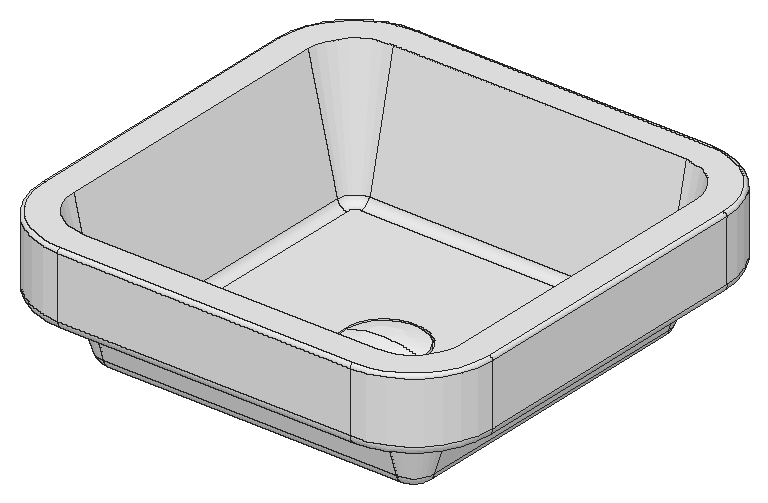
Revit family "Reece_Basin_Roca_The Gap_Semi Inset Basin_400 mm", category Plumbing Fixtures, host Face, Revit 2018
Family settings
  Host = Face
  Round Connector Dimension = Use Diameter
  Part Type = Normal
  Cut with Voids When Loaded = No
  Shared = Yes
  Room Calculation Point = Yes
Parameters (values of type "No Taphole_Vitreous China")
  WFU = 0  # constant formula
  URL = "https://www.reece.com.au/product/-9506763"
  Type Comments = "Basin"
  Reece_Product_Web Page = "https://www.reece.com.au/product/-9506763"
  Reece_Product_Type = "Basin"  # constant formula
  Reece_Product_Sub Brand = "The Gap"  # constant formula
  Reece_Product_Number = "9506763"
  Reece_Product_Mount = "Semi Inset"
  Reece_Product_Description = "Roca The Gap Semi Inset Basin 400mm x 400mm No Taphole White"
  Reece_Product_Brand = "Roca"  # constant formula
  Reece_Overall_Width = 400 mm  # constant formula
  Reece_Overall_Length = 400 mm  # constant formula
  Reece_Overall_Height = 120 mm  # constant formula
  Reece_Overall_Capacity = 10.60 L  # constant formula
  Reece_Material_Secondary = Reece_Brass_Chrome
  Reece_Material-Main = Reece_Vitreous China_White
  Reece_Detail_Installation = "Semi Inset Basin"  # constant formula
  Reece_Detail_Disclaimer = "THIS FILE IS THE PROPERTY OF THE REECE GROUP. IT MAY NOT BE REPRODUCED, REVERSE-ENGINEERED OR MODIFIED. ANY REPUBLICATION, TRANSMISSION OR DISTRIBUTION FOR THE PURPOSE OF COMMERCIALLY EXPLOITING THE FILES IS PROHIBITED."  # constant formula
  Reece_Detail_Connector = "No Taphole"  # constant formula
  Reece_Detail_Additional = "No Overflow"  # constant formula
  Reece_Basin_Outlet = 46 mm  # constant formula
  Model = "The Gap"
  Manufacturer = "Roca"
  Keynote = "Product #9506763, Reece_Basin_Roca_The Gap_Semi Inset Basin_400 mm - No Taphole_Vitreous China"
  HWFU = 0  # constant formula
  Disclaimer = "THIS FILE IS THE PROPERTY OF THE REECE GROUP. IT MAY NOT BE REPRODUCED, REVERSE-ENGINEERED OR MODIFIED. ANY REPUBLICATION, TRANSMISSION OR DISTRIBUTION FOR THE PURPOSE OF COMMERCIALLY EXPLOITING THE FILES IS PROHIBITED."  # constant formula
  Description = "Roca The Gap Semi Inset Basin 400mm x 400mm No Taphole White"
  Default Elevation = 1000 mm
  CWFU = 0  # constant formula
Types (2, lengths in mm): name | Keynote
  (no name) | "Product #9506763, Reece_Basin_Roca_The Gap_Semi Inset Basin_400 mm -  "
  No Taphole_Vitreous China | "Product #9506763, Reece_Basin_Roca_The Gap_Semi Inset Basin_400 mm - No Taphole_Vitreous China"
Reference planes
  plane 1 "Center (Front/Back)": y = -79.125
  plane 2 "Bottom": z = 0
  plane 3 "Center (Left/Right)": x = 0
  plane 4: y = 120.875
  plane 5: x = 200
  plane 6: x = -200
  plane 7: y = -279.125
  plane 8: z = -55
  plane 9: z = 65
  plane 10: y = -251.125
  plane 11: y = 92.875
  plane 12: z = -75
Forms (mm)
  Sweep 1, solid, material "Reece_Vitreous China_White" <- "Reece_Material-Main"
    path origin (0, 0, 0) x (1, 0, 0) y (0, 1, 0)
      loop
        arc (-130, 120.875) -> (-179.497, 100.373) -> (-200, 50.875) r 70
        line (-200, 50.875) -> (-200, -209.125)
        arc (-200, -209.125) -> (-179.497, -258.622) -> (-130, -279.125) r 70
        line (-130, -279.125) -> (130, -279.125)
        arc (130, -279.125) -> (179.497, -258.622) -> (200, -209.125) r 70
        line (200, -209.125) -> (200, 50.875)
        arc (200, 50.875) -> (179.497, 100.373) -> (130, 120.875) r 70
        line (130, 120.875) -> (-130, 120.875)
    profile origin (0, 120.875, 0) x (0, 1, 0) y (0, 0, 1)
      loop
        arc (0.008, 61.912) -> (-0.897, 64.096) -> (-3.08, 65) r 3.088
        line (-3.08, 65) -> (-28, 65) -> (-54.016, -45.07)
        arc (-54.016, -45.07) -> (-57.191, -50.058) -> (-62.775, -52) r 9
        line (-62.775, -52) -> (-65.909, -52) -> (-65.909, -55) -> (-63.538, -55)
        arc (-63.538, -55) -> (-55.909, -52.526) -> (-51.184, -46.046) r 13
        line (-51.184, -46.046) -> (-36.105, 0) -> (-7.992, 0)
        arc (-7.992, 0) -> (-2.335, 2.343) -> (0.008, 8) r 8
        line (0.008, 8) -> (0.008, 61.912)
  Extrusion 2, solid, material "Reece_Vitreous China_White" <- "Reece_Material-Main"
    sketch origin (0, 0, 0) x (1, 0, 0) y (0, 1, 0)
      loop
        line (-134.091, 50.875) -> (-134.091, -209.125)
        arc (-134.091, -209.125) -> (-132.893, -212.017) -> (-130, -213.216) r 4.091
        line (-130, -213.216) -> (130, -213.216)
        arc (130, -213.216) -> (132.893, -212.017) -> (134.091, -209.125) r 4.091
        line (134.091, -209.125) -> (134.091, 50.875)
        arc (134.091, 50.875) -> (132.893, 53.768) -> (130, 54.966) r 4.091
        line (130, 54.966) -> (-130, 54.966)
        arc (-130, 54.966) -> (-132.893, 53.768) -> (-134.091, 50.875) r 4.091
    from -55 to -52
  Revolve 3, solid, material "Reece_Brass_Chrome" <- "Reece_Material_Secondary"
    sketch origin (0, -79.125, -42) x (1, 0, 0) y (0, 0, 1)
      loop
        line (0, -13.221) -> (0, -4.483)
        arc (0, -4.483) -> (-16.798, -5.875) -> (-33.164, -9.906) r 106.24
        line (-33.164, -9.906) -> (-33.164, -13.221) -> (-29.746, -13.221) -> (-28.177, -17.531) -> (-23.036, -17.531) -> (-23.036, -13.221) -> (0, -13.221)
      axis (0, -4.483) -> (0, -17.531)
    angle from 0 to 360
  Revolve 4, solid, material "Reece_Vitreous China_White" <- "Reece_Material-Main"
    sketch origin (0, -79.125, -52.5) x (1, 0, 0) y (0, 0, 1)
      loop
        line (-23.001, -2.07) -> (-50.906, -2.07)
        arc (-50.906, -2.07) -> (-40.137, -10.55) -> (-33.084, -22.304) r 37.944
        line (-33.084, -22.304) -> (-23.001, -22.304) -> (-23.001, -2.07)
      axis (0, -2.07) -> (0, -22.304)
    angle from 0 to 360
  Extrusion 5, void
    sketch origin (0, 0, 0) x (1, 0, 0) y (0, 1, 0)
      loop
        circle (0, -79.125) r 35
    from -118.263 to -22.093
  Extrusion 6, void
    sketch origin (0, 0, 0) x (1, 0, 0) y (0, 1, 0)
      loop
        arc (-115.218, 100.657) -> (-150.419, 86.076) -> (-165, 50.875) r 49.782
        line (-165, 50.875) -> (-165, -209.125)
        arc (-165, -209.125) -> (-150.419, -244.326) -> (-115.218, -258.907) r 49.782
        line (-115.218, -258.907) -> (114.243, -258.907)
        arc (114.243, -258.907) -> (149.444, -244.326) -> (164.025, -209.125) r 49.782
        line (164.025, -209.125) -> (164.025, 50.875)
        arc (164.025, 50.875) -> (149.444, 86.076) -> (114.243, 100.657) r 49.782
        line (114.243, 100.657) -> (-115.218, 100.657)
    from -55 to 0
Cuts and joins
  Extrusion 5 cuts Sweep 1
  Extrusion 5 cuts Extrusion 2
  joined: Sweep 1, Extrusion 2, Revolve 4
Text (mm)
  text "Reece Copyright © 2018, Reece Ltd." at (-902.343, -740.328, 0), in view "Ref. Level"
  text "Reece ©" at (44.384, 258.95, 192.345), in view "Reece Preview"
Dimensions and locks
  equal spacing: plane 6, plane 3 "Center (Left/Right)", plane 5
  "Reece_Overall_Width": plane 6 to plane 5
  "Reece_Overall_Length": plane 4 to plane 7
  equal spacing: plane 4, plane 1 "Center (Front/Back)", plane 7
  plane 4 to plane 7 = 400 mm
  plane 9 to host face = 65 mm  (x2)
  plane 9 to plane 8 = 120 mm
  plane 9 to plane 12 = 140 mm  (x2)
  "Reece_Overall_Height": plane 9 to plane 8
  plane 6 to plane 5 = 400 mm
  aligned and locked: host face to plane 2 "Bottom"
  aligned and locked: level to host face
Automatic sketch dimensions
  host sketch curve to host sketch curve = 801.051 mm
  host sketch curve to host sketch curve = 660.299 mm
  plane 1 "Center (Front/Back)" to Extrusion 5 sketch curve = 0 mm
  Extrusion 5 sketch curve to plane 3 "Center (Left/Right)" = 0 mm
  Sweep 1 sketch curve to plane 6 = 0 mm
  Sweep 1 sketch curve to plane 4 = 0 mm
  plane 7 to Sweep 1 sketch curve = 0 mm
  Sweep 1 sketch curve to plane 5 = 0 mm
  Sweep 1 sketch curve to plane 6 = 70 mm
  Sweep 1 sketch curve to plane 11 = 42 mm  (x2)
  Sweep 1 sketch curve to plane 10 = 42 mm
  Extrusion 2 sketch curve to plane 6 = 70 mm
  Extrusion 2 sketch curve to plane 11 = 42 mm
  Extrusion 2 sketch curve to Extrusion 2 sketch curve = 4.091 mm  (x4)
  Extrusion 2 sketch curve to plane 10 = 42 mm
  Extrusion 2 sketch curve to plane 5 = 70 mm
  Extrusion 6 sketch curve to plane 6 = 35 mm
  Extrusion 6 sketch curve to plane 11 = 42 mm  (x2)
  Extrusion 6 sketch curve to plane 10 = 42 mm  (x2)
  Extrusion 6 sketch curve to Extrusion 6 sketch curve = 49.782 mm  (x2)
  Extrusion 6 sketch curve to plane 5 = 85.757 mm
  plane 12 to Revolve 4 sketch curve = 0.196 mm
  Revolve 4 sketch curve to plane 3 "Center (Left/Right)" = 0 mm
  Revolve 4 sketch curve to plane 3 "Center (Left/Right)" = 23.001 mm
  Revolve 4 sketch curve to plane 12 = 13.13 mm
  Revolve 4 sketch curve to Revolve 4 sketch curve = 45.61 mm
  Revolve 4 sketch curve to Revolve 4 sketch curve = 10.083 mm
  plane 8 to Revolve 4 sketch curve = 0.43 mm
  Revolve 4 sketch curve to plane 12 = 1.988 mm
  Revolve 4 sketch curve to plane 8 = 4.5 mm
  Revolve 3 sketch curve to plane 3 "Center (Left/Right)" = 0 mm  (x2)
  plane 12 to Revolve 3 sketch curve = 15.469 mm
  Revolve 3 sketch curve to plane 3 "Center (Left/Right)" = 23.036 mm
  Revolve 3 sketch curve to Revolve 3 sketch curve = 5.141 mm
  Revolve 3 sketch curve to plane 8 = 0.221 mm  (x2)
  Revolve 3 sketch curve to Revolve 3 sketch curve = 1.569 mm
  Revolve 3 sketch curve to Revolve 3 sketch curve = 3.418 mm
  plane 3 "Center (Left/Right)" to Revolve 3 sketch curve = 0.348 mm
  Revolve 3 sketch curve to plane 12 = 77.723 mm
  Revolve 3 sketch curve to Revolve 3 sketch curve = 0 mm  (x2)
  plane 8 to Revolve 3 sketch curve = 3.094 mm
  Sweep 1 sketch curve to level = 0 mm
  profile plane to Sweep 1 sketch curve = 65.909 mm
  Sweep 1 sketch curve to Sweep 1 sketch curve = 2.371 mm
  Sweep 1 sketch curve to Sweep 1 sketch curve = 0.763 mm
  profile plane to Sweep 1 sketch curve = 36.105 mm
  profile plane to Sweep 1 sketch curve = 28 mm
  profile plane to Sweep 1 sketch curve = 7.992 mm
  profile plane to Sweep 1 sketch curve = 3.08 mm
  Sweep 1 sketch curve to profile plane = 0.008 mm
  Sweep 1 sketch curve to level = 42 mm
  Sweep 1 sketch curve to Sweep 1 sketch curve = 1 mm
  Sweep 1 sketch curve to Sweep 1 sketch curve = 3.046 mm
  Sweep 1 sketch curve to Sweep 1 sketch curve = 3 mm
  Sweep 1 sketch curve to Sweep 1 sketch curve = 53.912 mm
  Sweep 1 sketch curve to Sweep 1 sketch curve = 2.833 mm
  Sweep 1 sketch curve to Sweep 1 sketch curve = 0.976 mm
  radius of Extrusion 5 sketch curve = 35 mm
Connectors
  piping at (0, -79.125, -74.804), diameter 46, driven by "Reece_Basin_Outlet"
    settings: on cut or joined group of Sweep 1, Extrusion 2, Revolve 4, Extrusion 5, index 1, connector inside diameter 609.6 mm, connector length 0 mm, flow factor 0, pipe flow 0.0 L/s, pressure drop 0.0 Pa, fitting loss kfactor 0, connector angle 0.00°, fixture units 0, engagement length 0 mm, angle of deflection 0.00°, flow configuration 0, flow direction 2, fitting loss method 0, system type 16, joint type 0, gender type 0, connector reference index -1, connector utility 0, adjustable connector no, is connector primary yes, connector description ""
